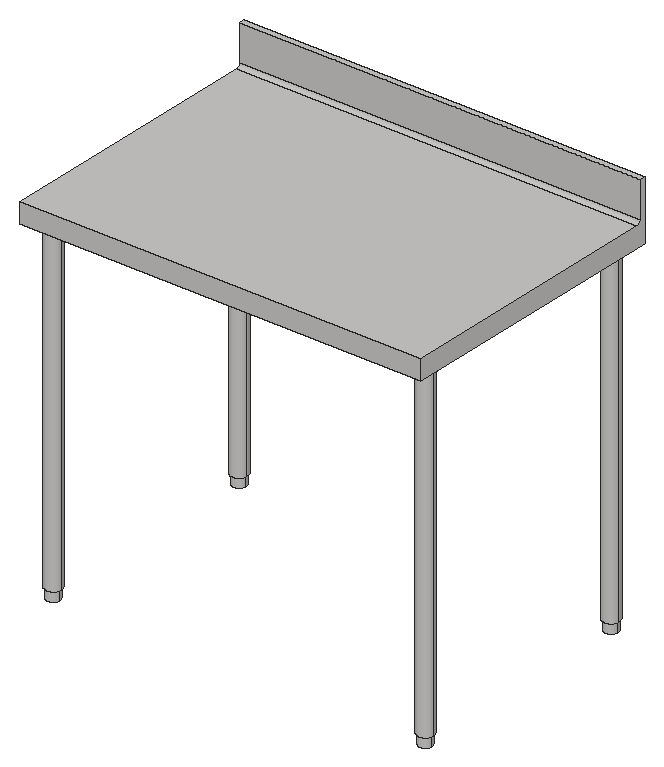
Revit family "QF_ZANUSSI_133054_TG1010EN", category Attrezzature speciali, Revit 2020
Family settings
  Quota connettore circolare = Usa diametro
  Tipo di parte = Normale
  Basato su piano di lavoro = No
  Sempre verticale = Sì
  Taglio con vuoti quando caricato = No
  Condiviso = No
  Punto di calcolo locali = No
Parameters (values of type "Standard")
  Weight = 35.00 kg
  Watts = 0 W
  Volts = 0 V
  URL Manufacturer = "http://www.zanussiprofessional.com"
  URL = "http://www.zanussiprofessional.com"
  Steam Supply Size = 0 mm
  Steam Supply Minimum Pressure = 0.0 Pa
  Steam Supply Maximum Pressure = 0.0 Pa
  Steam Consumption per Hour = 0
  Refrigeration Suction Line Size = 0.0 mm
  Refrigeration Liquid Line Size = 0.0 mm
  Refrigerant Compressor Remote = yes
  Prospetto di default = 0.0 mm
  Produttore = "Zanussi"
  Phase = 0
  Modello = "TG1010EN"
  Length Actual = 1000.0 mm  # constant formula
  Item Number = "133054"
  Hot Water Size = 0 mm
  Height Actual = 900.0 mm  # constant formula
  HP = "0 HP"
  Gas Size = 0 mm
  Gas KW = 0
  Gas Input Pressure = 0 W
  Direct Waste Size = 0 mm
  Descrizione = "WORK TABLE WITH UPSTAND 1000 MM"
  Depth Actual = 700.0 mm  # constant formula
  Cycle = 0 Hz
  Condensate Return Size = 0 mm
  Compressed Air Volume = 0.0 L/s
  Compressed Air Size = 0 mm
  Compressed Air Pressure = 0.0 Pa
  Cold Water Size = 0 mm
  Accessory = yes
Reference planes
  plane 1 "Center (Front/Back)": y = 0
  plane 2: z = 0
  plane 3 "Center (Left/Right)": x = 0
  plane 4 "LEFT": x = -500
  plane 5 "RIGHT": x = 500
  plane 6 "BACK": y = 350
  plane 7 "FRONT": y = -350
  plane 8 "Base": z = 850
  plane 9 "TOP": z = 900
  plane 10: x = -464.5
  plane 11: x = 464.5
  plane 12: y = 290
  plane 13: y = -290
Forms (mm)
  Extrusion 1, solid, material "QF_Finishes_Stainless Steel"
    sketch origin (0, 0, 0) x (0, 1, 0) y (0, 0, 1)
      loop
        line (-350, 850) -> (350, 850) -> (350, 1000) -> (337, 1000) -> (337, 910)
        arc (337, 910) -> (334.071, 902.929) -> (327, 900) r 10
        line (327, 900) -> (-350, 900) -> (-350, 850)
    from 500 to -500
Lines and regions (mm)
  symbolic lines
    curve 1: line (500, 350, 900) -> (-500, 350, 900)
    curve 2: line (-500, 350, 900) -> (-500, -350, 900)
    curve 3: line (-500, -350, 900) -> (500, -350, 900)
    curve 4: line (500, -350, 900) -> (500, 350, 900)
    curve 5: line (500, 337, 900) -> (-500, 337, 900)
Dimensions and locks
  plane 4 "LEFT" to plane 5 "RIGHT" = 1000.0 mm
  equal spacing: plane 4 "LEFT", plane 3 "Center (Left/Right)", plane 5 "RIGHT"
  locked: plane 8 "Base" to level at 850
  plane 4 "LEFT" to plane 10 = 35.5 mm
  plane 11 to plane 5 "RIGHT" = 35.5 mm
  plane 10 to plane 11 = 929.0 mm
  locked: Extrusion 1 to level at 1000
  plane 9 "TOP" to level = 900.0 mm
  plane 6 "BACK" to plane 12 = 60.0 mm
  plane 13 to plane 7 "FRONT" = 60.0 mm
  plane 6 "BACK" to plane 7 "FRONT" = 700.0 mm
  plane 12 to plane 13 = 580.0 mm
  equal spacing: plane 6 "BACK", plane 1 "Center (Front/Back)", plane 7 "FRONT"
  aligned and locked: level to plane 2
  aligned and locked: plane 10 to nested 1
  aligned and locked: nested 1 to plane 13
  aligned and locked: plane 11 to nested 2
  aligned and locked: nested 2 to plane 13
  aligned and locked: plane 11 to nested 4
  aligned and locked: nested 4 to plane 12
  aligned and locked: plane 10 to nested 3
  aligned and locked: nested 3 to plane 12
  aligned and locked: Extrusion 1 to plane 4 "LEFT"
  aligned and locked: plane 5 "RIGHT" to Extrusion 1
  aligned and locked: curve 2 to plane 4 "LEFT"
Automatic sketch dimensions
  Extrusion 1 sketch curve to plane 7 "FRONT" = 0.0 mm
  Extrusion 1 sketch curve to plane 9 "TOP" = 0.0 mm
  Extrusion 1 sketch curve to plane 6 "BACK" = 0.0 mm
  Extrusion 1 sketch curve to plane 8 "Base" = 0.0 mm
  plane 9 "TOP" to Extrusion 1 sketch curve = 10.0 mm
  Extrusion 1 sketch curve to plane 6 "BACK" = 13.0 mm
  Extrusion 1 sketch curve to Extrusion 1 sketch curve = 90.0 mm
  curve 3 to plane 7 "FRONT" = 0.0 mm
  curve 5 to plane 5 "RIGHT" = 0.0 mm
  curve 4 to plane 6 "BACK" = 0.0 mm
  curve 5 to plane 6 "BACK" = 13.0 mm
Nested families
  nested 1: "FEET_D40" at (-464.5, -290, 0), type "FEET_D40"
  nested 2: "FEET_D40" at (464.5, -290, 0), type "FEET_D40"
  nested 3: "FEET_D40" at (-464.5, 290, 0), type "FEET_D40"
  nested 4: "FEET_D40" at (464.5, 290, 0), type "FEET_D40"
Definition of nested family "FEET_D40"
  Parameters
    Default Elevation = 0.0 mm
    FEET = 850.0 mm
  Reference planes
    plane 1 "Center (Front/Back)": y = 0
    plane 2: z = 0
    plane 3 "Center (Left/Right)": x = 0
    plane 4: z = 850
  Forms (mm)
    Extrusion 1, solid
      sketch origin (0, 0, 0) x (1, 0, 0) y (0, 1, 0)
        loop
          circle (0, 0.002) r 20
      from 25 to 845
    Extrusion 2, solid
      sketch origin (0, 0, 0) x (1, 0, 0) y (0, 1, 0)
        loop
          circle (0, 0) r 16
      from 0 to 25
    Extrusion 3, solid
      sketch origin (0, 0, 0) x (1, 0, 0) y (0, 1, 0)
        loop
          circle (0, 0.002) r 30
      from 845 to 850
  Lines and regions (mm)
    symbolic lines
      curve 1: line (0, -1.503, 0) -> (0, 1.508, 0)
      curve 2: line (1.561, 0, 0) -> (-1.439, 0, 0)
  Dimensions and locks
    "FEET": plane 4 to plane 2
    aligned and locked: level to plane 2
  Automatic sketch dimensions
    plane 1 "Center (Front/Back)" to Extrusion 2 sketch curve = 0.0 mm
    Extrusion 2 sketch curve to plane 3 "Center (Left/Right)" = 0.0 mm
    plane 1 "Center (Front/Back)" to curve 2 = 0.0 mm
    curve 1 to plane 3 "Center (Left/Right)" = 0.0 mm
    curve 2 to plane 3 "Center (Left/Right)" = 1.439 mm
    plane 3 "Center (Left/Right)" to curve 2 = 1.561 mm
    plane 1 "Center (Front/Back)" to curve 1 = 1.503 mm
    curve 1 to plane 1 "Center (Front/Back)" = 1.508 mm
    Extrusion 1 sketch curve to plane 3 "Center (Left/Right)" = 0.0 mm
    Extrusion 1 sketch curve to plane 1 "Center (Front/Back)" = 0.002 mm
    Extrusion 3 sketch curve to plane 3 "Center (Left/Right)" = 0.0 mm
    Extrusion 3 sketch curve to plane 1 "Center (Front/Back)" = 0.002 mm
    radius of Extrusion 2 sketch curve = 16.0 mm
    radius of Extrusion 1 sketch curve = 20.0 mm
    radius of Extrusion 3 sketch curve = 30.0 mm
